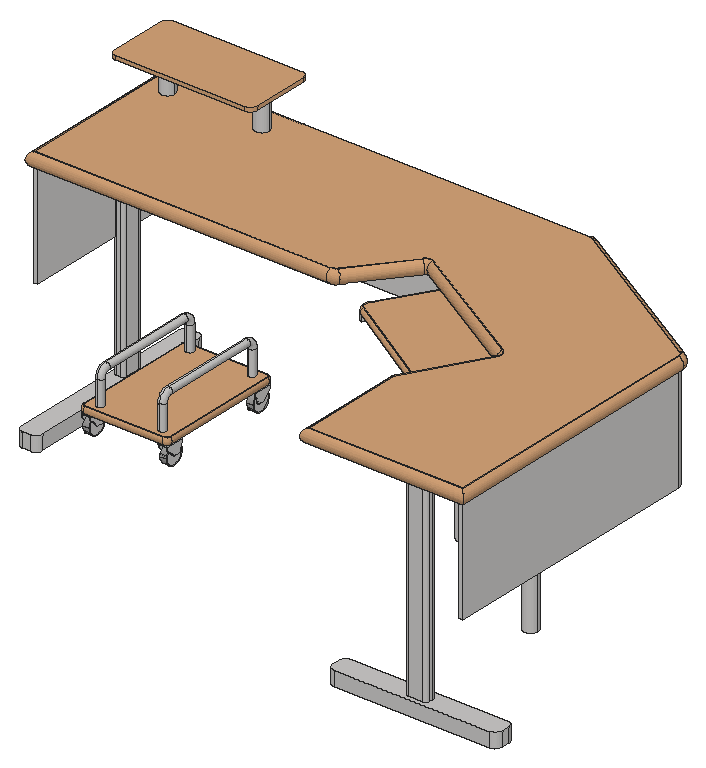
Revit family
Parameters (values of type "Desk-Corner-Computer-2_SMARTBIM")
  Table = Wood Cherry
  Subcategory = "Office Furniture"
  Stand = Metal White
  SmartBIM Object Version = 3  # constant formula
  SmartBIM Object Created By = "SMARTBIM, LLC"  # constant formula
  Manufacturer = "SMARTBIM"
  Keyboard Depth = 12"
  Keyboard Width = 22"
  Height = 35 1/2"
  Depth = 40 1/2"
  Default Elevation = 0"  # constant formula
  Assembly Code = "E2010"
  95 CSI = "12510"  # constant formula
  04 CSI = "12 51 00"  # constant formula
Reference planes (in)
  plane 1 "Center F/B": y = 2.95731
  plane 2: z = 0
  plane 3 "Center L/R": x = -4
  plane 4 "Rare Edge Of The Table": y = 23.20731
  plane 5 "Front Edge Of The Table": y = -17.29269
  plane 6 "Left Edge Of The Table": x = -45.75
  plane 7 "Right Edge Of The Table": x = 37.75
  plane 8 "Top Edge Of The Table": z = 35.5
  plane 9: z = 33.5
  plane 10: y = -29.29269
  plane 11: z = 41.5
  plane 12: z = 3
  plane 13: z = 29.5
  plane 14: through (6.77835, 10.6128, 48) normal (0.5248, 0.8512, 0)
  plane 15: x = -39.75
  plane 16: x = -31.02671
Forms (in)
  Extrusion 1, solid, material "Wood Cherry" <- "Table"
    sketch origin (0, 0, 0) x (1, 0, 0) y (0, 1, 0)
      loop
        arc (-44.75, 23.20731) -> (-45.45711, 22.91442) -> (-45.75, 22.20731) r 1
        line (-45.75, 22.20731) -> (-45.75, 0.11432) -> (-4.26337, 0.11432)
        arc (-4.26337, 0.11432) -> (-3.82346, 0.21628) -> (-3.47325, 0.50136) r 1
        line (-3.47325, 0.50136) -> (2.31498, 7.96265)
        arc (2.31498, 7.96265) -> (2.91635, 8.33172) -> (3.6117, 8.21188) r 1
        line (3.6117, 8.21188) -> (21.959, -2.56865)
        arc (21.959, -2.56865) -> (22.42027, -3.1794) -> (22.31458, -3.93743) r 1
        line (22.31458, -3.93743) -> (16.35229, -14.20961)
        arc (16.35229, -14.20961) -> (16.24954, -14.4537) -> (16.21447, -14.71621) r 1
        line (16.21447, -14.71621) -> (16.21447, -29.29269) -> (37.75, -29.29269) -> (37.75, 8.46745)
        arc (37.75, 8.46745) -> (37.64804, 8.90736) -> (37.36295, 9.25757) r 1
        line (37.36295, 9.25757) -> (14.06929, 23.06949)
        arc (14.06929, 23.06949) -> (13.8252, 23.17224) -> (13.56269, 23.20731) r 1
        line (13.56269, 23.20731) -> (-44.75, 23.20731)
    from 33.5 to 35.5
  Sweep 2, solid, material "Wood Cherry" <- "Table"
    path origin (-75.69589, -180, 35.5) x (-1, 0, 0) y (0, -1, 0)
      loop
        line (-48.94589, -203.20731) -> (-30.94589, -203.20731)
        arc (-30.94589, -203.20731) -> (-30.23878, -202.91442) -> (-29.94589, -202.20731) r 1
        line (-29.94589, -202.20731) -> (-29.94589, -180.11432) -> (-71.43251, -180.11432)
        arc (-71.43251, -180.11432) -> (-71.87243, -180.21628) -> (-72.22264, -180.50136) r 1
        line (-72.22264, -180.50136) -> (-78.01086, -187.96265)
        arc (-78.01086, -187.96265) -> (-78.61224, -188.33172) -> (-79.30759, -188.21188) r 1
        line (-79.30759, -188.21188) -> (-97.65489, -177.43135)
        arc (-97.65489, -177.43135) -> (-98.11616, -176.8206) -> (-98.01046, -176.06257) r 1
        line (-98.01046, -176.06257) -> (-92.04817, -165.79039)
        arc (-92.04817, -165.79039) -> (-91.94542, -165.5463) -> (-91.91035, -165.28379) r 1
        line (-91.91035, -165.28379) -> (-91.91035, -150.70731) -> (-113.44589, -150.70731) -> (-113.44589, -188.46745)
        arc (-113.44589, -188.46745) -> (-113.34393, -188.90736) -> (-113.05884, -189.25757) r 1
        line (-113.05884, -189.25757) -> (-89.76518, -203.06949)
        arc (-89.76518, -203.06949) -> (-89.52109, -203.17224) -> (-89.25858, -203.20731) r 1
    profile origin (-45.45711, 22.91442, 35.5) x (0.707107, -0.707107, 0) y (0, 0, 1)
      loop
        arc (0, 0) -> (-0.69198, -1) -> (0, -2) r 1.06855
        line (0, -2) -> (0, 0)
  Extrusion 3, solid, material "Metal White" <- "Stand"
    sketch origin (-75.69589, -180, 35.5) x (-1, 0, 0) y (0, -1, 0)
      loop
        circle (-46.177, -199.71873) r 1
      loop
        circle (-32.927, -199.71873) r 1
    from 0 to 6
  Extrusion 4, solid, material "Wood Cherry" <- "Table"
    sketch origin (-75.69589, -180, 35.5) x (-1, 0, 0) y (0, -1, 0)
      loop
        arc (-30.94589, -203.20731) -> (-30.23878, -202.91442) -> (-29.94589, -202.20731) r 1
        line (-29.94589, -202.20731) -> (-29.94589, -194.20731)
        arc (-29.94589, -194.20731) -> (-30.23878, -193.5002) -> (-30.94589, -193.20731) r 1
        line (-30.94589, -193.20731) -> (-48.94589, -193.20731)
        arc (-48.94589, -193.20731) -> (-49.65299, -193.5002) -> (-49.94589, -194.20731) r 1
        line (-49.94589, -194.20731) -> (-49.94589, -202.20731)
        arc (-49.94589, -202.20731) -> (-49.65299, -202.91442) -> (-48.94589, -203.20731) r 1
        line (-48.94589, -203.20731) -> (-30.94589, -203.20731)
    from 6 to 6.5
  Extrusion 5, solid, material "Metal White" <- "Stand"
    sketch origin (-75.69589, -180, 35.5) x (-1, 0, 0) y (0, -1, 0)
      loop
        line (-29.94589, -205.20731) -> (-29.94589, -177.95731)
        arc (-29.94589, -177.95731) -> (-30.23878, -177.2502) -> (-30.94589, -176.95731) r 1
        line (-30.94589, -176.95731) -> (-31.94589, -176.95731)
        arc (-31.94589, -176.95731) -> (-32.65299, -177.2502) -> (-32.94589, -177.95731) r 1
        line (-32.94589, -177.95731) -> (-32.94589, -205.20731)
        arc (-32.94589, -205.20731) -> (-32.65299, -205.91442) -> (-31.94589, -206.20731) r 1
        line (-31.94589, -206.20731) -> (-30.94589, -206.20731)
        arc (-30.94589, -206.20731) -> (-30.23878, -205.91442) -> (-29.94589, -205.20731) r 1
      loop
        line (-90.69589, -156.70731) -> (-112.44589, -156.70731)
        arc (-112.44589, -156.70731) -> (-113.15299, -157.0002) -> (-113.44589, -157.70731) r 1
        line (-113.44589, -157.70731) -> (-113.44589, -158.70731)
        arc (-113.44589, -158.70731) -> (-113.15299, -159.41442) -> (-112.44589, -159.70731) r 1
        line (-112.44589, -159.70731) -> (-90.69589, -159.70731)
        arc (-90.69589, -159.70731) -> (-89.98878, -159.41442) -> (-89.69589, -158.70731) r 1
        line (-89.69589, -158.70731) -> (-89.69589, -157.70731)
        arc (-89.69589, -157.70731) -> (-89.98878, -157.0002) -> (-90.69589, -156.70731) r 1
    from -35.5 to -33.5
  Extrusion 6, solid, material "Metal White" <- "Stand"
    sketch origin (-75.69589, -180, 35.5) x (-1, 0, 0) y (0, -1, 0)
      loop
        arc (-31.00257, -196.27152) -> (-30.64902, -196.12508) -> (-30.50257, -195.77152) r 0.5
        line (-30.50257, -195.77152) -> (-30.50257, -193.77152)
        arc (-30.50257, -193.77152) -> (-30.64902, -193.41797) -> (-31.00257, -193.27152) r 0.5
        line (-31.00257, -193.27152) -> (-31.50257, -193.27152)
        arc (-31.50257, -193.27152) -> (-31.85613, -193.41797) -> (-32.00257, -193.77152) r 0.5
        line (-32.00257, -193.77152) -> (-32.00257, -195.77152)
        arc (-32.00257, -195.77152) -> (-31.85613, -196.12508) -> (-31.50257, -196.27152) r 0.5
        line (-31.50257, -196.27152) -> (-31.00257, -196.27152)
      loop
        arc (-100.61378, -158.84059) -> (-100.26023, -158.69414) -> (-100.11378, -158.34059) r 0.5
        line (-100.11378, -158.34059) -> (-100.11378, -157.84059)
        arc (-100.11378, -157.84059) -> (-100.26023, -157.48704) -> (-100.61378, -157.34059) r 0.5
        line (-100.61378, -157.34059) -> (-102.61378, -157.34059)
        arc (-102.61378, -157.34059) -> (-102.96734, -157.48704) -> (-103.11378, -157.84059) r 0.5
        line (-103.11378, -157.84059) -> (-103.11378, -158.34059)
        arc (-103.11378, -158.34059) -> (-102.96734, -158.69414) -> (-102.61378, -158.84059) r 0.5
        line (-102.61378, -158.84059) -> (-100.61378, -158.84059)
    from -2 to -33.5
  Extrusion 7, solid, material "Wood Cherry" <- "Table"
    sketch origin (-75.69589, -180, 35.5) x (-1, 0, 0) y (0, -1, 0)
      loop
        arc (-45.80753, -182.95731) -> (-46.16109, -183.10376) -> (-46.30753, -183.45731) r 0.5
        line (-46.30753, -183.45731) -> (-46.30753, -200.45731)
        arc (-46.30753, -200.45731) -> (-46.16109, -200.81086) -> (-45.80753, -200.95731) r 0.5
        line (-45.80753, -200.95731) -> (-34.80753, -200.95731)
        arc (-34.80753, -200.95731) -> (-34.45398, -200.81086) -> (-34.30753, -200.45731) r 0.5
        line (-34.30753, -200.45731) -> (-34.30753, -183.45731)
        arc (-34.30753, -183.45731) -> (-34.45398, -183.10376) -> (-34.80753, -182.95731) r 0.5
        line (-34.80753, -182.95731) -> (-45.80753, -182.95731)
    from -31.5 to -32.5
  Sweep 8, solid, material "Wood Cherry" <- "Table"
    path in 3D
      loop
        arc (-29.38836, 20.45731, 4) -> (-29.5348, 20.81086, 4) -> (-29.88836, 20.95731, 4) r 0.5
        line (-29.88836, 20.95731, 4) -> (-40.88836, 20.95731, 4)
        arc (-40.88836, 20.95731, 4) -> (-41.24191, 20.81086, 4) -> (-41.38836, 20.45731, 4) r 0.5
        line (-41.38836, 20.45731, 4) -> (-41.38836, 3.45731, 4)
        arc (-41.38836, 3.45731, 4) -> (-41.24191, 3.10376, 4) -> (-40.88836, 2.95731, 4) r 0.5
        line (-40.88836, 2.95731, 4) -> (-29.88836, 2.95731, 4)
        arc (-29.88836, 2.95731, 4) -> (-29.5348, 3.10376, 4) -> (-29.38836, 3.45731, 4) r 0.5
        line (-29.38836, 3.45731, 4) -> (-29.38836, 20.45731, 4)
    profile origin (-29.38836, 11.95731, 4) x (-1, 0, 0) y (0, 0, 1)
      loop
        arc (0, 0) -> (-0.19183, -0.5) -> (0, -1) r 0.74752
        line (0, -1) -> (0, 0)
  Extrusion 9, solid, material "Metal White" <- "Stand"
    sketch origin (-75.69589, -180, 35.5) x (-1, 0, 0) y (0, -1, 0)
      loop
        circle (-99.38505, -180.18713) r 1
      loop
        circle (-81.04274, -191.49533) r 1
    from -35.5 to -6
  Sweep 10, solid, material "Metal White" <- "Stand"
    path origin (-75.69589, -180, 35.5) x (-1, 0, 0) y (0, -1, 0)
      loop
        line (-29.94589, -180.11432) -> (-29.94589, -202.20731)
        arc (-29.94589, -202.20731) -> (-30.23878, -202.91442) -> (-30.94589, -203.20731) r 1
        line (-30.94589, -203.20731) -> (-89.25858, -203.20731)
        arc (-89.25858, -203.20731) -> (-89.52109, -203.17224) -> (-89.76518, -203.06949) r 1
        line (-89.76518, -203.06949) -> (-113.05884, -189.25757)
        arc (-113.05884, -189.25757) -> (-113.34393, -188.90736) -> (-113.44589, -188.46745) r 1
        line (-113.44589, -188.46745) -> (-113.44589, -150.70731)
    profile origin (37.64804, 8.90736, 35.5) x (0.89804, 0.439914, 0) y (0, 0, 1)
      loop
        line (0, -2) -> (-0.5, -2) -> (-0.5, -16.5) -> (0, -16.5) -> (0, -2)
  Sweep 11, solid, material "Metal White" <- "Stand"
    path origin (-39.75, 29.5135, 48) x (0, 1, 0) y (0, 0, 1)
      loop
        line (-9.66703, -44) -> (-9.66703, -40.56341)
        arc (-9.66703, -40.56341) -> (-9.95992, -39.85631) -> (-10.66703, -39.56341) r 1
        line (-10.66703, -39.56341) -> (-24.32036, -39.56341)
        arc (-24.32036, -39.56341) -> (-25.02747, -39.85631) -> (-25.32036, -40.56341) r 1
        line (-25.32036, -40.56341) -> (-25.32036, -44)
    profile origin (-39.75, 19.84648, 5.71829) x (0, -1, 0) y (1, 0, 0)
      loop
        circle (0, 0) r 0.5
  Sweep 12, solid, material "Metal White" <- "Stand"
    path origin (-31.02671, 29.5135, 48) x (0, 1, 0) y (0, 0, 1)
      loop
        line (-9.66703, -44) -> (-9.66703, -40.56341)
        arc (-9.66703, -40.56341) -> (-9.95992, -39.85631) -> (-10.66703, -39.56341) r 1
        line (-10.66703, -39.56341) -> (-24.32036, -39.56341)
        arc (-24.32036, -39.56341) -> (-25.02747, -39.85631) -> (-25.32036, -40.56341) r 1
        line (-25.32036, -40.56341) -> (-25.32036, -44)
    profile origin (-31.02671, 19.84648, 5.71829) x (0, 1, 0) y (-1, 0, 0)
      loop
        circle (0, 0) r 0.5
Cuts and joins
  joined: Extrusion 3, Sweep 11
Lines and regions (in)
  sketch lines
    curve 1: line (-29.38836, 3.45731, 4) -> (-29.38836, 20.45731, 4)
    curve 2: arc (-29.88836, 20.95731, 4) -> (-29.5348, 20.81086, 4) -> (-29.38836, 20.45731, 4) r 0.5
    curve 3: line (-29.88836, 20.95731, 4) -> (-40.88836, 20.95731, 4)
    curve 4: arc (-41.38836, 20.45731, 4) -> (-41.24191, 20.81086, 4) -> (-40.88836, 20.95731, 4) r 0.5
    curve 5: line (-41.38836, 20.45731, 4) -> (-41.38836, 3.45731, 4)
    curve 6: arc (-40.88836, 2.95731, 4) -> (-41.24191, 3.10376, 4) -> (-41.38836, 3.45731, 4) r 0.5
    curve 7: line (-40.88836, 2.95731, 4) -> (-29.88836, 2.95731, 4)
    curve 8: arc (-29.38836, 3.45731, 4) -> (-29.5348, 3.10376, 4) -> (-29.88836, 2.95731, 4) r 0.5
Dimensions and locks (in)
  equal spacing: plane 4 "Rare Edge Of The Table", plane 1 "Center F/B", plane 5 "Front Edge Of The Table"
  "Depth": plane 4 "Rare Edge Of The Table" to plane 5 "Front Edge Of The Table"
  equal spacing: plane 6 "Left Edge Of The Table", plane 3 "Center L/R", plane 7 "Right Edge Of The Table"
  locked: plane 6 "Left Edge Of The Table" to plane 7 "Right Edge Of The Table" at 83.5
  "Height": plane 8 "Top Edge Of The Table" to plane 2
  locked: plane 8 "Top Edge Of The Table" to plane 9 at 2
  locked: plane 5 "Front Edge Of The Table" to plane 10 at 12
  locked: plane 11 to plane 8 "Top Edge Of The Table" at 6
  locked: Extrusion 4 to Extrusion 4 at 0.5
  locked: Extrusion 5 sketch curve to plane 1 "Center F/B" at 6
  locked: Extrusion 5 sketch curve to plane 4 "Rare Edge Of The Table" at 3
  locked: Extrusion 5 to Extrusion 5 at 2
  locked: Extrusion 6 sketch curve to Extrusion 5 at 0.94331
  locked: Extrusion 5 to Extrusion 6 sketch curve at 0.55669
  locked: plane 12 to level at 3
  locked: Extrusion 7 to Extrusion 7 at 1
  locked: Extrusion 7 sketch curve to Extrusion 7 sketch curve at 18
  locked: Extrusion 7 sketch curve to Extrusion 7 sketch curve at 12
  locked: plane 6 "Left Edge Of The Table" to Extrusion 7 sketch curve at 4.36164
  locked: plane 9 to plane 13 at 4
  locked: plane 6 "Left Edge Of The Table" to plane 15 at 6
  locked: Sweep 12 sketch curve to Sweep 12 sketch curve at 15.65333
  locked: Sweep 11 sketch curve to Sweep 11 sketch curve at 15.65333
  locked: nested 5 to Extrusion 9 sketch curve at 1.27399  (x2)
  aligned and locked: Extrusion 1 sketch curve to plane 4 "Rare Edge Of The Table"
  aligned and locked: Extrusion 1 sketch curve to plane 6 "Left Edge Of The Table"
  aligned and locked: plane 8 "Top Edge Of The Table" to Extrusion 1
  aligned and locked: Extrusion 1 to plane 9
  aligned and locked: plane 10 to Extrusion 1 sketch curve
  aligned and locked: Sweep 2 sketch curve to Extrusion 1  (x11)
  aligned and locked: Extrusion 1 to Sweep 2 sketch curve  (x2)
  aligned and locked: plane 11 to Extrusion 3
  aligned and locked: Extrusion 3 to plane 8 "Top Edge Of The Table"
  aligned and locked: Extrusion 4 sketch curve to plane 4 "Rare Edge Of The Table"
  aligned and locked: Extrusion 4 sketch curve to plane 6 "Left Edge Of The Table"
  aligned and locked: Extrusion 4 to plane 11
  aligned and locked: Extrusion 5 sketch curve to plane 6 "Left Edge Of The Table"
  aligned and locked: Extrusion 5 sketch curve to plane 7 "Right Edge Of The Table"
  aligned and locked: Extrusion 5 to level
  aligned and locked: Extrusion 6 to Extrusion 5
  aligned and locked: plane 9 to Extrusion 6
  aligned and locked: Extrusion 7 sketch curve to plane 1 "Center F/B"
  aligned and locked: Extrusion 7 to plane 12
  aligned and locked: Extrusion 7 to Sweep 8 sketch curve
  aligned and locked: Sweep 8 sketch curve to Extrusion 7  (x2)
  aligned and locked: plane 1 "Center F/B" to nested 1
  aligned and locked: nested 2 to plane 1 "Center F/B"
  aligned and locked: nested 3 to nested 1
  aligned and locked: nested 4 to nested 2
  aligned and locked: plane 13 to Extrusion 9
  aligned and locked: plane 13 to nested 5
  aligned and locked: nested 5 to plane 14
  aligned and locked: profile plane to Sweep 10 sketch curve
  aligned and locked: Extrusion 9 to level
  aligned and locked: Sweep 2 sketch curve to Extrusion 4
  aligned and locked: Sweep 10 sketch curve to Extrusion 1
Automatic sketch dimensions
  Extrusion 1 sketch curve to plane 7 "Right Edge Of The Table" = 0"
  Extrusion 1 sketch curve to Extrusion 1 sketch curve = 1"
  Extrusion 1 sketch curve to plane 3 "Center L/R" = 0.26337"
  plane 3 "Center L/R" to Extrusion 1 sketch curve = 0.52675"
  plane 3 "Center L/R" to Extrusion 1 sketch curve = 6.31498"
  Extrusion 1 sketch curve to Extrusion 1 sketch curve = 0.79012"
  Extrusion 1 sketch curve to Extrusion 1 sketch curve = 0.5066"  (x4)
  plane 3 "Center L/R" to Extrusion 1 sketch curve = 17.56269"
  Extrusion 1 sketch curve to plane 4 "Rare Edge Of The Table" = 0.13782"
  plane 5 "Front Edge Of The Table" to Extrusion 1 sketch curve = 2.57648"
  plane 3 "Center L/R" to Extrusion 1 sketch curve = 20.21447"
  plane 5 "Front Edge Of The Table" to Extrusion 1 sketch curve = 3.08308"
  Extrusion 1 sketch curve to Extrusion 1 sketch curve = 0.13782"
  Extrusion 1 sketch curve to Extrusion 1 sketch curve = 5.10011"
  plane 1 "Center F/B" to Extrusion 1 sketch curve = 6.89474"
  Extrusion 1 sketch curve to Extrusion 1 sketch curve = 0.86218"
  Extrusion 1 sketch curve to plane 7 "Right Edge Of The Table" = 1"
  Extrusion 1 sketch curve to plane 7 "Right Edge Of The Table" = 0.38705"
  plane 1 "Center F/B" to Extrusion 1 sketch curve = 2.84299"
  Extrusion 1 sketch curve to Extrusion 1 sketch curve = 0.38705"
  Extrusion 1 sketch curve to plane 1 "Center F/B" = 4.39239"
  Extrusion 1 sketch curve to Extrusion 1 sketch curve = 0.61295"
  Extrusion 1 sketch curve to plane 1 "Center F/B" = 5.51014"
  Sweep 2 sketch curve to Sweep 2 sketch curve = 0.86218"
  plane 1 "Center F/B" to Sweep 2 sketch curve = 5.52596"
  Sweep 2 sketch curve to Sweep 2 sketch curve = 0.13782"
  Sweep 2 sketch curve to Sweep 2 sketch curve = 0.5066"
  Sweep 2 sketch curve to Sweep 2 sketch curve = 0.79012"
  plane 3 "Center L/R" to Sweep 2 sketch curve = 0.52675"
  Sweep 2 sketch curve to profile plane = 0.37657"
  Extrusion 3 sketch curve to plane 16 = 1 65/128"
  plane 6 "Left Edge Of The Table" to Extrusion 3 sketch curve = 2.98112"
  Extrusion 3 sketch curve to plane 4 "Rare Edge Of The Table" = 3.48858"  (x2)
  plane 6 "Left Edge Of The Table" to Extrusion 4 sketch curve = 1"  (x2)
  Extrusion 4 sketch curve to plane 16 = 4.27671"  (x2)
  Extrusion 4 sketch curve to plane 4 "Rare Edge Of The Table" = 1"
  Extrusion 4 sketch curve to Extrusion 4 sketch curve = 8"
  Extrusion 5 sketch curve to plane 7 "Right Edge Of The Table" = 1"  (x2)
  Extrusion 5 sketch curve to plane 5 "Front Edge Of The Table" = 3"
  plane 3 "Center L/R" to Extrusion 5 sketch curve = 19"
  Extrusion 5 sketch curve to Extrusion 5 sketch curve = 0"
  Extrusion 5 sketch curve to Extrusion 5 sketch curve = 1"  (x6)
  Extrusion 5 sketch curve to Extrusion 5 sketch curve = 3"
  Extrusion 6 sketch curve to plane 5 "Front Edge Of The Table" = 4.36672"
  Extrusion 6 sketch curve to plane 7 "Right Edge Of The Table" = 13.33211"
  Extrusion 6 sketch curve to Extrusion 6 sketch curve = 1/2"  (x8)
  Extrusion 6 sketch curve to Extrusion 6 sketch curve = 2"  (x2)
  Extrusion 6 sketch curve to Extrusion 6 sketch curve = 0"
  Extrusion 6 sketch curve to plane 4 "Rare Edge Of The Table" = 9.93579"
  Extrusion 7 sketch curve to Extrusion 7 sketch curve = 1/2"  (x4)
  Sweep 8 sketch curve to profile plane = 0.55569"
  plane 1 "Center F/B" to Sweep 10 sketch curve = 2.84299"
  Sweep 10 sketch curve to plane 5 "Front Edge Of The Table" = 12"
  profile plane to Sweep 10 sketch curve = 1/2"
  Sweep 10 sketch curve to Sweep 10 sketch curve = 14 1/2"
  Sweep 11 sketch curve to plane 1 "Center F/B" = 1.23583"
  Sweep 11 sketch curve to Sweep 11 sketch curve = 1"  (x2)
  Sweep 11 sketch curve to Sweep 11 sketch curve = 3.43659"
  Sweep 11 sketch curve to plane 15 = 0"
  Sweep 11 sketch curve to profile plane = 0"
  Sweep 12 sketch curve to profile plane = 0"  (x2)
  plane 1 "Center F/B" to Sweep 12 sketch curve = 1.23583"
  Sweep 12 sketch curve to Sweep 12 sketch curve = 1"  (x2)
  Sweep 12 sketch curve to plane 12 = 1"  (x2)
  Sweep 12 sketch curve to Sweep 12 sketch curve = 3.43659"
  plane 12 to Sweep 11 sketch curve = 1"  (x2)
  Sweep 2 sketch curve to plane 16 = 4.27671"
  Sweep 10 sketch curve to plane 7 "Right Edge Of The Table" = 0"
  Sweep 10 sketch curve to plane 6 "Left Edge Of The Table" = 0"
  Sweep 10 sketch curve to plane 7 "Right Edge Of The Table" = 0.38705"
  Sweep 10 sketch curve to Sweep 10 sketch curve = 1"
  Sweep 10 sketch curve to plane 4 "Rare Edge Of The Table" = 0.13782"
  plane 3 "Center L/R" to Sweep 10 sketch curve = 18.06929"
  Sweep 10 sketch curve to Sweep 10 sketch curve = 0.5066"
  Sweep 10 sketch curve to plane 4 "Rare Edge Of The Table" = 1"
  Sweep 10 sketch curve to plane 1 "Center F/B" = 6.30026"
  Extrusion 9 sketch curve to plane 14 = 0"  (x2)
  radius of Extrusion 3 sketch curve = 1"  (x2)
  radius of Sweep 11 sketch curve = 1/2"
  radius of Sweep 12 sketch curve = 1/2"
  radius of Extrusion 9 sketch curve = 1"  (x2)
Nested families (in)
  nested 1: "Small Wheel" at (-40.7446, 4.19314, 0) x (0, 1, 0) z (0, 0, 1), type "Small Wheel"
  nested 2: "Small Wheel" at (-30.03212, 4.19314, 0) x (0, 1, 0) z (0, 0, 1), type "Small Wheel"
  nested 3: "Small Wheel" at (-40.7446, 19.72148, 0) x (0, -1, 0) z (0, 0, 1), type "Small Wheel"
  nested 4: "Small Wheel" at (-30.03212, 19.72148, 0) x (0, -1, 0) z (0, 0, 1), type "Small Wheel"
  nested 5: "Key Board Plate" at (9.79669, -1.06599, 29.5) x (0.8512, -0.5248, 0) z (0, 0, 1), type "Key Board Plate"
    with Width 22", Depth 12"
Definition of nested family "Small Wheel"
  Parameters (values of type "Small Wheel")
    Rubber Wheel = Rubber
    Grips Of The Wheel's = Stainless Steel
    Assembly Code = ""
  Reference planes (in)
    plane 1 "Center F/B": y = 0
    plane 2: z = 0
    plane 3 "Center L/R": x = 0
  Forms (in)
    Extrusion 1, solid, material "Stainless Steel" <- "Grips Of The Wheel's"
      sketch origin (27.89668, 0.44611, -2.21649) x (1, 0, 0) y (0, 0, 1)
        loop
          circle (-27.73472, 3.53117) r 1.31691
      from -0.0435 to 0.8651
    Extrusion 2, solid, material "Stainless Steel" <- "Grips Of The Wheel's"
      sketch origin (27.89668, 0.44611, -2.19384) x (1, 0, 0) y (0, 1, 0)
        loop
          line (-26.52198, 0.19765) -> (-29.13251, 0.19765) -> (-29.13251, -1.08987) -> (-26.52198, -1.08987) -> (-26.52198, 0.19765)
      from 4.9967 to 5.19384
    Extrusion 3, solid, material "Stainless Steel" <- "Grips Of The Wheel's"
      sketch origin (27.89668, -0.44611, -1.96649) x (1, 0, 0) y (0, 0, -1)
        loop
          line (-28.16516, -3.41981) -> (-29.0165, -4.35063)
          arc (-29.0165, -4.35063) -> (-29.06081, -4.62015) -> (-28.83203, -4.76936) r 0.25
          line (-28.83203, -4.76936) -> (-26.81461, -4.76936)
          arc (-26.81461, -4.76936) -> (-26.62191, -4.67183) -> (-26.58639, -4.4588) r 0.23914
          line (-26.58639, -4.4588) -> (-26.73895, -3.97125) -> (-26.91604, -3.49226)
          arc (-26.91604, -3.49226) -> (-27.09983, -3.30079) -> (-27.35571, -3.23035) r 0.5
          line (-27.35571, -3.23035) -> (-27.73511, -3.23035)
          arc (-27.73511, -3.23035) -> (-27.97008, -3.27981) -> (-28.16516, -3.41981) r 0.58279
      from -0.19765 to -0.06918
    Extrusion 4, solid, material "Stainless Steel" <- "Grips Of The Wheel's"
      sketch origin (27.89668, 0.7067, -1.96649) x (1, 0, 0) y (0, 0, -1)
        loop
          line (-28.16516, -3.41981) -> (-29.01999, -4.35444)
          arc (-29.01999, -4.35444) -> (-29.06429, -4.62396) -> (-28.83551, -4.77316) r 0.25
          line (-28.83551, -4.77316) -> (-26.82065, -4.77316)
          arc (-26.82065, -4.77316) -> (-26.61814, -4.66975) -> (-26.58316, -4.44508) r 0.25
          line (-26.58316, -4.44508) -> (-26.73895, -3.97125) -> (-26.91604, -3.49226)
          arc (-26.91604, -3.49226) -> (-27.09983, -3.30079) -> (-27.35571, -3.23035) r 0.5
          line (-27.35571, -3.23035) -> (-27.73511, -3.23035)
          arc (-27.73511, -3.23035) -> (-27.97008, -3.27981) -> (-28.16516, -3.41981) r 0.58279
      from -0.18267 to -0.06294
    Extrusion 5, solid, material "Default"
      sketch origin (0, 0, 0) x (1, 0, 0) y (0, 0, 1)
        loop
          circle (0.16196, 1.31467) r 1.31691
        loop
          circle (0.16196, 1.31467) r 1.32893
      from -0.48961 to 0.41899
  Cuts and joins
    joined: Extrusion 1, Extrusion 2
  Dimensions and locks (in)
    locked: cut or joined group of Extrusion 1, Extrusion 2 to level at 3
    aligned and locked: cut or joined group of Extrusion 1, Extrusion 2 to Extrusion 3
    aligned and locked: Extrusion 4 sketch curve to Extrusion 3
    aligned and locked: Extrusion 5 sketch curve to cut or joined group of Extrusion 1, Extrusion 2  (x2)
    aligned and locked: Extrusion 5 to cut or joined group of Extrusion 1, Extrusion 2
    aligned: Extrusion 5 to cut or joined group of Extrusion 1, Extrusion 2
Definition of nested family "Key Board Plate"
  Parameters (values of type "Key Board Plate")
    Width = 18"
    Stand = Metal White
    Key Board Plate = Wood Cherry
    Depth = 9"
    Default Elevation = 48"
  Reference planes (in)
    plane 1 "Center (Front/Back)": y = 2.35734
    plane 2: z = 0
    plane 3 "Center (Left/Right)": x = 0.39408
    plane 4: x = -8.60592
    plane 5: x = 9.39408
    plane 6: y = 6.85734
    plane 7: y = -2.14266
  Forms (in)
    Extrusion 1, solid, material "Wood Cherry" <- "Key Board Plate"
      sketch origin (191.95731, -40.30753, 1.25) x (0, -1, 0) y (1, 0, 0)
        loop
          arc (-46.66487, -182.56323) -> (-47.01843, -182.70968) -> (-47.16487, -183.06323) r 0.5
          line (-47.16487, -183.06323) -> (-47.16487, -200.06323)
          arc (-47.16487, -200.06323) -> (-47.01843, -200.41678) -> (-46.66487, -200.56323) r 0.5
          line (-46.66487, -200.56323) -> (-39.26487, -200.56323)
          arc (-39.26487, -200.56323) -> (-38.48706, -200.24105) -> (-38.16487, -199.46323) r 1.1
          line (-38.16487, -199.46323) -> (-38.16487, -183.06323)
          arc (-38.16487, -183.06323) -> (-38.31132, -182.70968) -> (-38.66487, -182.56323) r 0.5
          line (-38.66487, -182.56323) -> (-46.66487, -182.56323)
      from 0.75 to -0.25
    Sweep 2, solid, material "Wood Cherry" <- "Key Board Plate"
      path origin (191.95731, -40.30753, 2) x (0, -1, 0) y (1, 0, 0)
        loop
          line (-47.16487, -183.06323) -> (-47.16487, -200.06323)
          arc (-47.16487, -200.06323) -> (-47.01843, -200.41678) -> (-46.66487, -200.56323) r 0.5
          line (-46.66487, -200.56323) -> (-39.26487, -200.56323)
          arc (-39.26487, -200.56323) -> (-38.48706, -200.24105) -> (-38.16487, -199.46323) r 1.1
          line (-38.16487, -199.46323) -> (-38.16487, -183.06323)
          arc (-38.16487, -183.06323) -> (-38.31132, -182.70968) -> (-38.66487, -182.56323) r 0.5
          line (-38.66487, -182.56323) -> (-46.66487, -182.56323)
          arc (-46.66487, -182.56323) -> (-47.01843, -182.70968) -> (-47.16487, -183.06323) r 0.5
      profile origin (0.39408, 6.85734, 2) x (0, -1, 0) y (0, 0, 1)
        loop
          arc (0, 0) -> (-0.32649, -0.5) -> (0, -1) r 0.5461
          line (0, -1) -> (0, 0)
    Extrusion 3, solid, material "Metal White" <- "Stand"
      sketch origin (0.39408, 4.71469, 0) x (0, -1, 0) y (0, 0, -1)
        loop
          line (6.85734, -1) -> (6.85734, 0) -> (-4.89266, 0) -> (-4.89266, -0.5) -> (6.35734, -0.5) -> (6.35734, -1) -> (6.85734, -1)
      from 8.5 to 9
    Extrusion 4, solid, material "Metal White" <- "Stand"
      sketch origin (0.39408, 4.71469, 0) x (0, -1, 0) y (0, 0, 1)
        loop
          line (6.85734, 1) -> (6.35734, 1) -> (6.35734, 0.5) -> (-4.89266, 0.5) -> (-4.89266, 0) -> (6.85734, 0) -> (6.85734, 1)
      from 8.5 to 9
  Cuts and joins
    joined: Extrusion 3, Extrusion 4
  Dimensions and locks (in)
    equal spacing: plane 4, plane 3 "Center (Left/Right)", plane 5
    "Width": plane 4 to plane 5
    equal spacing: plane 6, plane 1 "Center (Front/Back)", plane 7
    "Depth": plane 6 to plane 7
    locked: Extrusion 1 to Extrusion 1 at 1
    locked: Extrusion 3 to Extrusion 3 at 0.5
    locked: Extrusion 4 to Extrusion 4 at 0.5
    aligned and locked: Sweep 2 sketch curve to Extrusion 1  (x5)
    aligned and locked: Extrusion 1 to Sweep 2 sketch curve
    aligned and locked: cut or joined group of Extrusion 3, Extrusion 4 to plane 4
    aligned and locked: plane 5 to cut or joined group of Extrusion 3, Extrusion 4
  Automatic sketch dimensions
    Extrusion 1 sketch curve to plane 6 = 0"
    Extrusion 1 sketch curve to plane 4 = 0"
    Extrusion 1 sketch curve to plane 5 = 0"
    Extrusion 1 sketch curve to plane 7 = 0"
    Extrusion 1 sketch curve to plane 6 = 1/2"  (x2)
    plane 7 to Extrusion 1 sketch curve = 1.1"
    Extrusion 1 sketch curve to plane 5 = 1/2"
    Sweep 2 sketch curve to profile plane = 0.21961"
    Sweep 2 sketch curve to profile plane = 1/2"
    Extrusion 3 sketch curve to level = 0"
    Extrusion 3 sketch curve to plane 7 = 0"
    Extrusion 3 sketch curve to plane 7 = 1/2"
    Extrusion 3 sketch curve to level = 1/2"
    Extrusion 3 sketch curve to plane 6 = 2 3/4"
    Extrusion 3 sketch curve to Extrusion 3 sketch curve = 1/2"
    Extrusion 4 sketch curve to level = 0"
    Extrusion 4 sketch curve to plane 7 = 0"
    plane 7 to Extrusion 4 sketch curve = 1/2"
    level to Extrusion 4 sketch curve = 1/2"
    plane 6 to Extrusion 4 sketch curve = 2 3/4"
    Extrusion 4 sketch curve to Extrusion 4 sketch curve = 1/2"
